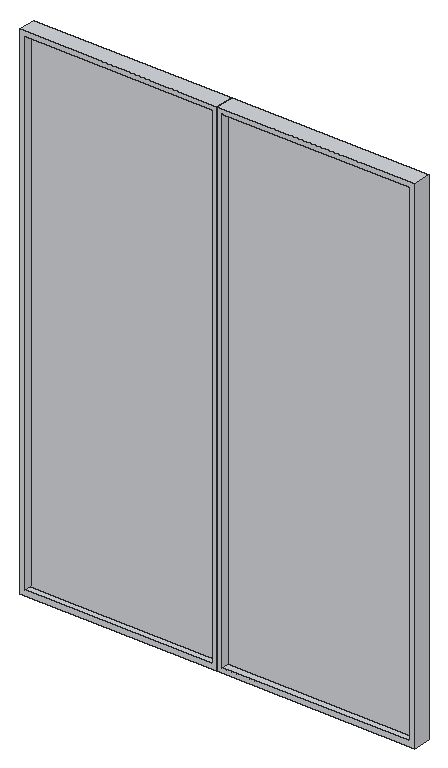
Revit family "DOOR_Single Glass Bifold_Curtain Wall", category Doors, Revit 2024
Family settings
  OmniClass Number = 23.30.10.00
  OmniClass Title = Doors
  Always vertical = Yes
  Cut with Voids When Loaded = No
  Shared = No
  Room Calculation Point = No
Parameters
  Thickness = 75.00 mm
  Offset_Positive = if(CWPL_$Offset > 0.00 mm, abs(CWPL_$Offset), 0.00 mm)  # 20.00 mm
  Offset_Negative [instance] = if(CWPL_$Offset < 0.00 mm, abs(CWPL_$Offset), 0.00 mm)  # 0.00 mm
  Leaf_Width [instance] = CWPL_$Width / 2  # 831.877 mm
  Glass_Thickness = 12.00 mm
  Glass_Offset = 30.00 mm
  Function = Interior
  Frame_Width = 20.00 mm
  EA_Repath [instance] = 0.00 mm
  Door_Angle [instance] = 45.00°
  Define Thermal Properties by = Schematic Type
  CWPL_$Width [instance] = 1663.754 mm
  CWPL_$Offset = 20.00 mm
  CWPL_$Height [instance] = 2133.60 mm
  Analytic Construction = "<None>"
Reference planes
  plane 1 "Center (Front/Back)": y = 0
  plane 2: z = 0
  plane 3 "Center (Left/Right)": x = 0
  plane 4: x = -831.877
  plane 5 "hinge": x = 831.877
  plane 6 "Top": z = 2133.6
  plane 7 "Host": y = 20
  plane 8 "2": y = 0
  plane 9: y = -55
  plane 10 "Glass Face": y = -25
  plane 11: y = -13
  plane 12: z = 1066.8
Forms (mm)
  Extrusion 1, solid
    sketch origin (0, 20, 0) x (-1, 0, 0) y (0, 0, 1)
      loop
        line (-831.877, 2133.6) -> (-831.877, 0) -> (0, 0) -> (0, 2133.6) -> (-831.877, 2133.6)
      loop
        line (-811.877, 2113.6) -> (-811.877, 20) -> (-20, 20) -> (-20, 2113.6) -> (-811.877, 2113.6)
    from 0 to -75
  Extrusion 2, solid
    sketch origin (0, 20, 0) x (-1, 0, 0) y (0, 0, 1)
      loop
        line (831.877, 2133.6) -> (0, 2133.6) -> (0, 0) -> (831.877, 0) -> (831.877, 2133.6)
      loop
        line (20, 2113.6) -> (20, 20) -> (811.877, 20) -> (811.877, 2113.6) -> (20, 2113.6)
    from 0 to -75
  Extrusion 3, solid
    sketch origin (0, -25, 0) x (-1, 0, 0) y (0, 0, 1)
      loop
        line (-811.877, 2113.6) -> (-811.877, 20) -> (-20, 20) -> (-20, 2113.6) -> (-811.877, 2113.6)
      loop
        line (811.877, 2113.6) -> (20, 2113.6) -> (20, 20) -> (811.877, 20) -> (811.877, 2113.6)
    from 0 to 12
Lines and regions (mm)
  symbolic lines, style "Elevation Swing"
    curve 1: line (0, -25, 2133.6) -> (831.877, -25, 1066.8)
    curve 2: line (831.877, -25, 1066.8) -> (0, -25, 0)
    curve 11: line (-831.877, -25, 2133.6) -> (0, -25, 1066.8)
    curve 12: line (0, -25, 1066.8) -> (-831.877, -25, 0)
  symbolic lines, not visible
    curve 3: line (540.113, 455, 1165.715) -> (680.113, 455, 1165.715)
    curve 4: line (680.113, 455, 1165.715) -> (651.829, 455, 1193.999)
    curve 5: line (680.113, 455, 1165.715) -> (651.829, 455, 1137.431)
  symbolic lines
    curve 6: line (345.938, 455, 1066.8) -> (485.938, 455, 1066.8)
    curve 7: line (485.938, 455, 1066.8) -> (457.654, 455, 1095.084)
    curve 8: line (485.938, 455, 1066.8) -> (457.654, 455, 1038.516)
    curve 13: line (-485.938, 455, 1066.8) -> (-345.938, 455, 1066.8)
    curve 14: line (-345.938, 455, 1066.8) -> (-374.223, 455, 1038.516)
    curve 15: line (-345.938, 455, 1066.8) -> (-374.223, 455, 1095.084)
  symbolic lines, style "InvisibleLines"
    curve 9: line (415.938, 455, 1066.8) -> (415.938, 455, 1080.231)
    curve 16: line (-415.938, 455, 1066.8) -> (-415.938, 455, 1053.369)
  symbolic lines, style "InvisibleLines", not visible
    curve 10: line (610.113, 455, 1165.715) -> (610.113, 455, 1179.146)
Text (mm)
  text "Exterior" at (-1161.5, 797.241, 0), in view "Ref. Level"
  text "WORKPLANE = HOST" at (949.305, 281.209, 0), in view "Ref. Level"
Dimensions and locks
  equal spacing: plane 4, plane 3 "Center (Left/Right)", plane 5 "hinge"
  "Offset_Negative": plane 8 "2" to plane 1 "Center (Front/Back)"
  "Offset_Positive": plane 7 "Host" to plane 8 "2"
  "CWPL_$Width": plane 4 to plane 5 "hinge"
  "CWPL_$Height": plane 2 to plane 6 "Top"
  plane 4 to plane 3 "Center (Left/Right)" = 831.877 mm
  plane 3 "Center (Left/Right)" to plane 5 "hinge" = 831.877 mm
  "Thickness": plane 7 "Host" to plane 9
  "Frame_Width": Extrusion 1 sketch curve to plane 5 "hinge"
  "Frame_Width": Extrusion 1 sketch curve to plane 6 "Top"
  "Frame_Width": nested 1 to Extrusion 1 sketch curve
  "Frame_Width": plane 4 to Extrusion 2 sketch curve
  "Frame_Width": Extrusion 2 sketch curve to plane 6 "Top"
  "Frame_Width": plane 2 to Extrusion 2 sketch curve
  "Glass_Offset": plane 10 "Glass Face" to plane 9
  "Glass_Thickness": plane 11 to plane 10 "Glass Face"
  equal spacing: plane 2, plane 12, plane 6 "Top"
  "Frame_Width": Extrusion 1 sketch curve to plane 3 "Center (Left/Right)"
  "Frame_Width": Extrusion 2 sketch curve to plane 3 "Center (Left/Right)"
  equal spacing: plane 3 "Center (Left/Right)", curve 9, plane 5 "hinge"
  equal spacing: plane 3 "Center (Left/Right)", curve 16, plane 4
  aligned and locked: level to plane 2
  aligned and locked: plane 6 "Top" to Extrusion 1 sketch curve
  aligned and locked: plane 2 to Extrusion 1 sketch curve
  aligned and locked: plane 5 "hinge" to Extrusion 1 sketch curve
  aligned and locked: plane 4 to Extrusion 2 sketch curve
  aligned and locked: Extrusion 2 sketch curve to plane 6 "Top"
  aligned and locked: Extrusion 2 sketch curve to plane 2
  aligned and locked: Extrusion 1 to plane 9
  aligned and locked: Extrusion 2 to plane 9
  aligned and locked: Extrusion 3 sketch curve to Extrusion 1  (x3)
  aligned and locked: Extrusion 1 to Extrusion 3 sketch curve
  aligned and locked: Extrusion 3 sketch curve to Extrusion 2  (x4)
  aligned and locked: plane 11 to Extrusion 3
  aligned and locked: plane 12 to curve 6
  aligned and locked: Extrusion 1 sketch curve to plane 3 "Center (Left/Right)"
  aligned and locked: Extrusion 2 sketch curve to plane 3 "Center (Left/Right)"
  aligned and locked: plane 6 "Top" to curve 1
  aligned and locked: plane 3 "Center (Left/Right)" to curve 2
  aligned and locked: plane 12 to curve 13
  aligned and locked: plane 3 "Center (Left/Right)" to nested 1
  aligned and locked: nested 1 to plane 7 "Host"
Automatic sketch dimensions
  curve 9 to curve 9 = 13.431 mm
  curve 10 to curve 10 = 13.431 mm
  plane 5 "hinge" to curve 1 = 0.00 mm
  plane 3 "Center (Left/Right)" to curve 12 = 0.00 mm
  plane 3 "Center (Left/Right)" to curve 1 = 0.00 mm
  curve 12 to level = 0.00 mm
  plane 4 to curve 12 = 0.00 mm
  plane 4 to curve 11 = 0.00 mm
  curve 2 to level = 0.00 mm
  curve 2 to plane 12 = 0.00 mm
  curve 12 to plane 12 = 0.00 mm
  curve 11 to plane 6 "Top" = 0.00 mm
  curve 16 to curve 16 = 13.431 mm
Nested families
  nested 1: "Nest_Action_Bifold_Glass" at (0, 20, 0), Door_Width <- "CWPL_$Width", Frame_Width <- "Frame_Width", Glass_Offset <- "Glass_Offset", Glass_Thickness <- "Glass_Thickness", Door_Leaf_Thickness <- "Thickness", Door_Leaf_Swing_Angle <- "Door_Angle", Door_Height <- "CWPL_$Height", type "Nest_Action_Bifold_Glass"
    with Offset_Y 53.033 mm, Offset_X 53.033 mm, Glass_Thickness 12.00 mm, Glass_Offset 30.00 mm, Frame_Width 20.00 mm, Door_Width 1663.754 mm, Door_Leaf_Thickness 75.00 mm, Door_Leaf_Swing_Angle 45.00°, Door_Height 2133.60 mm
Definition of nested family "Nest_Action_Bifold_Glass"
  Parameters (values of type "Nest_Action_Bifold_Glass")
    Offset_Y [instance] = Door_Leaf_Thickness * cos(Door_Leaf_Swing_Angle)  # 31.431 mm
    Offset_X [instance] = Door_Leaf_Thickness * sin(Door_Leaf_Swing_Angle)  # 31.431 mm
    Glass_Thickness [instance] = 6.35 mm
    Glass_Offset [instance] = 6.35 mm
    Frame_Width [instance] = 50.80 mm
    Door_Width [instance] = 914.40 mm
    Door_Leaf_Thickness [instance] = 44.45 mm
    Door_Leaf_Swing_Angle [instance] = 45.00°
    Door_Height [instance] = 2133.60 mm
    Analytic Construction = "<None>"
  Reference planes
    plane 1 "Center (Front/Back)": y = 0
    plane 2: z = 0
    plane 3 "Center (Left/Right)": x = 0
    plane 4: z = 2133.6
    plane 5 "Latch": x = -457.2
    plane 6 "Hinge": x = 457.2
    plane 7: x = 425.769
    plane 8: y = -31.431
  Lines and regions (mm)
    model lines
      curve 1: line (0, 0, 0) -> (0, 0, 2133.6)
  Dimensions and locks
    equal spacing: plane 5 "Latch", plane 3 "Center (Left/Right)", plane 6 "Hinge"
    "Door_Width": plane 5 "Latch" to plane 6 "Hinge"
    "Offset_Y": plane 1 "Center (Front/Back)" to plane 8
    "Offset_X": plane 7 to plane 6 "Hinge"
    "Door_Height": plane 4 to plane 2
    aligned and locked: plane 2 to level
    aligned and locked: plane 3 "Center (Left/Right)" to curve 1
    aligned and locked: level to curve 1
    aligned and locked: plane 4 to curve 1
    aligned and locked: nested 1 to plane 8
    aligned and locked: nested 1 to plane 7
  Nested families
    nested 1: "Bifold Symbol_Glass" at (-180.495, -31.431, 0), Door_$Leaf1_Swing_Angle <- "Door_Leaf_Swing_Angle", Door_$Leaf_Thickness <- "Door_Leaf_Thickness", Door_$Width <- "Door_Width", Frame_Width <- "Frame_Width", Glass_Offset <- "Glass_Offset", Glass_Thickness <- "Glass_Thickness", type "Bifold Symbol_Glass"
      with Panel_Angle 90.00°, Leaf1_Y 323.289 mm, Leaf1_X 323.289 mm, Glass_Thickness 6.35 mm, Glass_Offset 6.35 mm, Frame_Width 50.80 mm, Door_$Width 914.40 mm, Door_$Leaf_Thickness 44.45 mm, Door_$Leaf1_Width 457.20 mm, Door_$Leaf1_Swing_Angle 45.00°
  Definition of nested family "Bifold Symbol_Glass"
    Parameters (values of type "Bifold Symbol_Glass")
      Panel_Angle [instance] = 180.00° - (Door_$Leaf1_Swing_Angle * 2)  # 130.00°
      Leaf1_Y [instance] = Door_$Leaf1_Width * sin(Door_$Leaf1_Swing_Angle)  # 130.224 mm
      Leaf1_X [instance] = Door_$Leaf1_Width * cos(Door_$Leaf1_Swing_Angle)  # 279.266 mm
      Glass_Thickness [instance] = 6.35 mm
      Glass_Offset [instance] = 6.35 mm
      Frame_Width [instance] = 17.265 mm
      Door_$Width [instance] = 616.273 mm
      Door_$Leaf_Thickness [instance] = 44.45 mm
      Door_$Leaf1_Width [instance] = Door_$Width / 2  # 308.136 mm
      Door_$Leaf1_Swing_Angle [instance] = 25.00°
      Analytic Construction = "<None>"
    Reference planes
      plane 1 "Center (Front/Back)": y = 0
      plane 2: z = 0
      plane 3 "Center (Left/Right)": x = 0
      plane 4: x = -308.136
      plane 5: x = 308.136
      plane 6: y = 130.224
      plane 7: x = 28.87
    Lines and regions (mm)
      reference lines
        curve 1: line (308.136, 0, 0) -> (28.87, 130.224, 0)
        curve 5: line (28.87, 130.224, 0) -> (-250.396, 0, 0)
      symbolic lines
        curve 2: line (28.87, 130.224, 0) -> (308.136, 0, 0)
        curve 3: line (326.922, 40.285, 0) -> (308.136, 0, 0)
        curve 4: line (28.87, 130.224, 0) -> (47.655, 170.509, 0)
        curve 6: line (47.655, 170.509, 0) -> (326.922, 40.285, 0)
        curve 7: line (28.87, 130.224, 0) -> (-250.396, 0, 0)
        curve 8: line (-250.396, 0, 0) -> (-269.182, 40.285, 0)
        curve 9: line (-269.182, 40.285, 0) -> (10.085, 170.509, 0)
        curve 10: line (28.87, 130.224, 0) -> (10.085, 170.509, 0)
        curve 11: line (-234.749, 7.297, 0) -> (-253.534, 47.582, 0)
        curve 12: line (13.222, 122.927, 0) -> (-5.563, 163.213, 0)
        curve 13: line (44.518, 122.927, 0) -> (63.303, 163.213, 0)
        curve 14: line (311.274, 47.582, 0) -> (292.489, 7.297, 0)
        curve 15: line (10.539, 128.683, 0) -> (-237.432, 13.052, 0)
        curve 16: line (7.855, 134.438, 0) -> (-240.116, 18.807, 0)
        curve 17: line (47.201, 128.683, 0) -> (295.172, 13.052, 0)
        curve 18: line (49.885, 134.438, 0) -> (297.856, 18.807, 0)
    Dimensions and locks
      "Door_$Width": plane 4 to plane 5
      "Door_$Leaf1_Width": curve 1 to curve 1
      "Leaf1_X": plane 7 to plane 5
      "Leaf1_Y": plane 6 to plane 1 "Center (Front/Back)"
      "Door_$Leaf_Thickness": curve 6 to curve 1
      "Door_$Leaf1_Width": curve 5 to curve 5
      "Door_$Leaf_Thickness": curve 9 to curve 5
      "Glass_Offset": curve 15 to curve 5
      "Glass_Thickness": curve 16 to curve 15
      "Glass_Offset": curve 17 to curve 1
      "Glass_Thickness": curve 17 to curve 18
      "Frame_Width": curve 11 to curve 5
      "Frame_Width": curve 5 to curve 12
      "Frame_Width": curve 13 to curve 1
      "Frame_Width": curve 14 to curve 1
      "Door_$Leaf1_Swing_Angle": angle curve 1 to plane 1 "Center (Front/Back)"
      "Panel_Angle": angle curve 5 to curve 1
      aligned and locked: plane 2 to level
      aligned and locked: plane 5 to curve 1
      aligned and locked: plane 1 "Center (Front/Back)" to curve 1
      aligned and locked: curve 2 to curve 1
      aligned and locked: plane 7 to curve 5
      aligned and locked: plane 6 to curve 5
      aligned and locked: curve 5 to curve 7
      aligned and locked: curve 8 to curve 5
      aligned and locked: curve 10 to curve 5
    Automatic sketch dimensions
      curve 2 to curve 1 = 0.00 mm
      curve 1 to curve 4 = 0.00 mm
